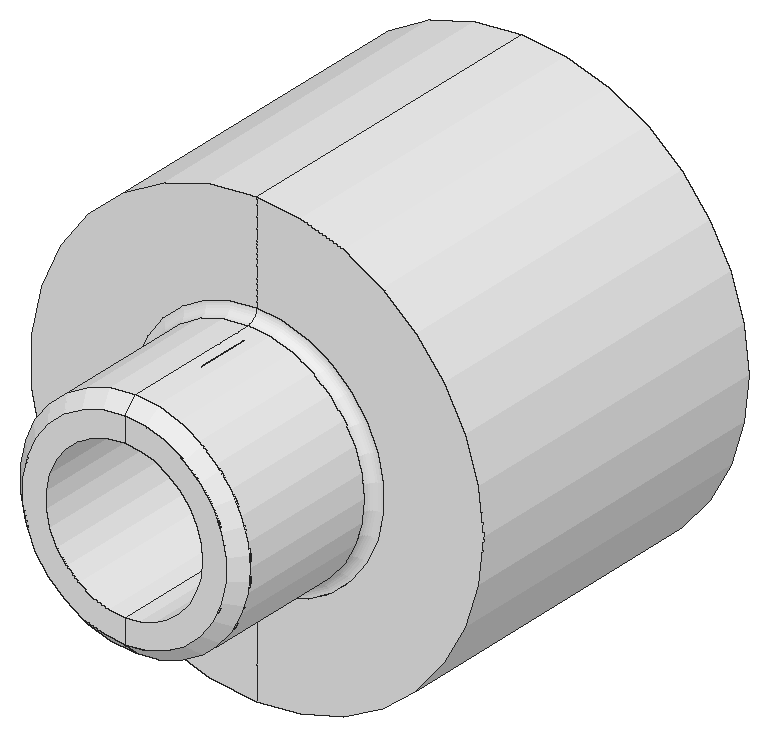
Revit family "PRD_FrankeWS_Prss-actnSlf-clsngPllrTps_AQUALINE-SExtensionAdapter_ZAQUA002", category Specialty Equipment, Revit 2018
Family settings
  Round Connector Dimension = Use Diameter
  Part Type = Normal
  OmniClass Number = 23.45.55.11
  OmniClass Title = Sanitary Components
  Work Plane-Based = Yes
  Always vertical = No
  Cut with Voids When Loaded = No
  Shared = No
  Room Calculation Point = No
Parameters (values of type "ZAQUA002")
  WarrantyStartDate [instance] = "1900-12-31T23:59:59"
  WarrantyGuarantorParts = "n/a"
  WarrantyGuarantorLabor = "n/a"
  WarrantyDurationUnit = "year"
  WarrantyDurationParts = "n/a"
  WarrantyDurationLabor = "n/a"
  WarrantyDescription = "n/a"
  Version = "1"
  Uniclass2015Version = "Products v1.23"
  Uniclass2015Title = "Press-action self-closing pillar taps"
  Uniclass2015Code = "Pr_40_20_87_66"
  URL = "www.kwc.com"
  TypeOfExtension = "For bib taps"
  TagNumber [instance] = "n/a"
  SustainabilityPerformance = "n/a"
  Size = "n/a"
  Shape = "n/a"
  SerialNumber [instance] = "n/a"
  Revision = "n/a"
  ReplacementCost = "n/a"
  ProductInformation = "https://pim.kwc.com/product/2000101433/attachment/datasheet?locale=en"
  NominalWidth = 0 mm
  NominalHeight = 0 mm
  NominalDepth = 0 mm
  NetWeight = 0.29 kg
  Name = "AQUALINE-S Extension adapter ZAQUA002"
  NBSTypeID = "n/a"
  NBSReference = "45-35-70/371"
  NBSOfficeMasterTag = "n/a"
  NBSNote = "n/a"
  NBSDescription = "Taps and water supply fittings for washbasins and troughs"
  NBSCertification = "n/a"
  ModelReference = "ZAQUA002"
  ModelNumber = "2000101433"
  Model = ModelReference  # "ZAQUA002"
  Material = "n/a"
  ManufacturerURL = "www.kwc.com"
  ManufacturerName = "KWC Group AG"  # constant formula
  Manufacturer = ManufacturerName  # "KWC Group AG"
  IntegralAccessories = "n/a"
  InstallationDate [instance] = "1900-12-31T23:59:59"
  IfcExportType = "FAUCET"
  IfcExportAs = "IfcValveType"
  GrossWeight = 0.32 kg
  Grade = "n/a"
  Finish = "n/a"
  Features = "Extension adapter"
  FaucetType = "USERDEFINED"
  FaucetTopDescription = "n/a"
  FaucetOperation = "n/a"
  FaucetFunction = "n/a"
  ExpectedLife = "n/a"
  DurationUnit = "year"
  Description = "Extension adapter for AQUALINE-S self-closing bib tap, stackable (30 mm)."
  Default Elevation = 1219.2 mm
  CreatedOn = "04/2022"  # constant formula
  Constituents = "n/a"
  Color = "n/a"
  CodePerformance = "n/a"
  Category = "Pr_40_20_87_66, Press-action self-closing pillar taps"
  BodyMaterial = PRD_AR_ChromatedBrass_HighPolished
  BarCode [instance] = "n/a"
  BIMObjectName = "PRD_AR_Press-actionSelf-closingPillarTaps_AQUALINE-SExtensionAdapter_ZAQUA002"
  Author = "Archispace"  # constant formula
  AssetType = "Fixed"
  AssetIdentifier [instance] = "n/a"
  AccessibilityPerformance = "n/a"
Reference planes
  plane 1 "Center (Front/Back)": y = 0
  plane 2: z = 0
  plane 3 "Center (Left/Right)": x = 0
Forms (mm)
  Revolve 1, solid, material "PRD_AR_ChromatedBrass_HighPolished" <- "BodyMaterial", detail levels fine
    sketch origin (0, 0, 0) x (0, 1, 0) y (0, 0, 1)
      loop
        line (-45, 7.1) -> (-26.331, 7.1) -> (-25, 9.315) -> (0, 9.315) -> (0, 20.5) -> (-30, 20.5) -> (-30, 11.477)
        arc (-30, 11.477) -> (-30.293, 10.77) -> (-31, 10.477) r 1
        line (-31, 10.477) -> (-43.8, 10.478) -> (-45, 9.277) -> (-45, 7.1)
      axis (0, 0) -> (-45, 0)
    angle from 0 to 360
  Revolve 2, solid, material "PRD_AR_ChromatedBrass_HighPolished" <- "BodyMaterial", detail levels coarse+medium
    sketch origin (0, 0, 0) x (0, 1, 0) y (0, 0, 1)
      loop
        line (0, 0) -> (0, 20.5) -> (-30, 20.5) -> (-30, 0) -> (0, 0)
      axis (0, 0) -> (-30, 0)
    angle from 0 to 360
Dimensions and locks
  aligned and locked: level to plane 2
